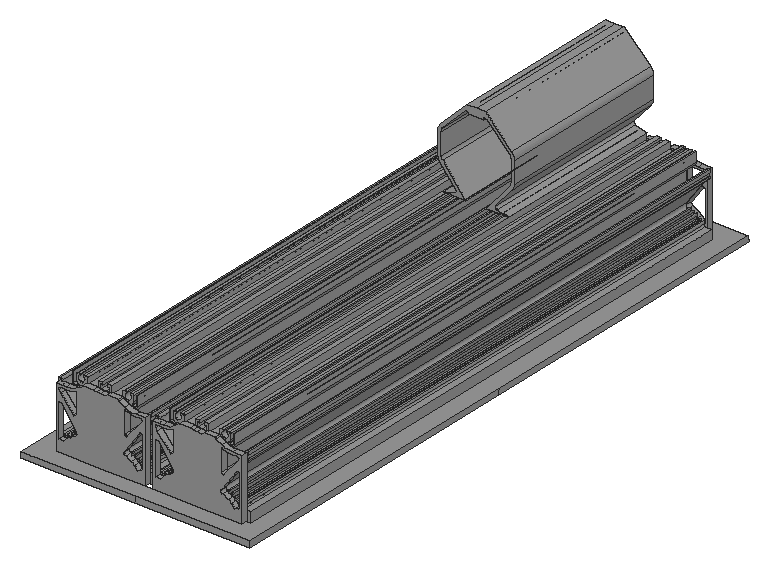
Revit family "L-street 48 Standart", category Осветительные приборы, Revit 2017 (continued)
Forms (mm)
  Extrusion 1, solid, material "Алюминий"
    sketch origin (41.984, 0, 23.204) x (0, 0, -1) y (-1, 0, 0)
      loop
        arc (6.022, -32.745) -> (8.889, -32.434) -> (6.621, -34.216) r 1.5
        line (6.621, -34.216) -> (5.767, -35.07)
        arc (5.767, -35.07) -> (7.023, -35.657) -> (8.404, -35.544) r 2.7
        arc (8.404, -35.544) -> (9.292, -35.666) -> (9.704, -36.461) r 0.973
        line (9.704, -36.461) -> (9.704, -41.984) -> (18.204, -41.984) -> (18.204, -37.084) -> (18.545, -33.187) -> (17.549, -33.099) -> (17.2, -37.084) -> (13.7, -37.084) -> (13.7, -36.084) -> (11.7, -36.084) -> (11.7, -33.084) -> (13.7, -33.084) -> (13.7, -31.479)
        arc (13.7, -31.479) -> (6.173, -25.647) -> (2.661, -16.796) r 18.05
        line (2.661, -16.796) -> (2.661, -14.8) -> (1.7, -14.8) -> (1.7, -16.8) -> (0, -16.8) -> (0, 16.8) -> (1.7, 16.8) -> (1.7, 14.8) -> (2.661, 14.8) -> (2.661, 16.796)
        arc (2.661, 16.796) -> (6.173, 25.647) -> (13.7, 31.479) r 18.05
        line (13.7, 31.479) -> (13.7, 33.084) -> (11.7, 33.084) -> (11.7, 36.084) -> (13.7, 36.084) -> (13.7, 37.084) -> (17.2, 37.084) -> (17.549, 33.099) -> (18.545, 33.187) -> (18.204, 37.084) -> (18.204, 41.984) -> (9.704, 41.984) -> (9.704, 36.461)
        arc (9.704, 36.461) -> (9.292, 35.666) -> (8.404, 35.544) r 0.973
        arc (8.404, 35.544) -> (7.023, 35.657) -> (5.767, 35.07) r 2.7
        line (5.767, 35.07) -> (6.621, 34.216)
        arc (6.621, 34.216) -> (8.889, 32.434) -> (6.022, 32.745) r 1.5
        line (6.022, 32.745) -> (4.839, 32.541)
        arc (4.839, 32.541) -> (5.97, 30.775) -> (8.024, 30.351) r 2.7
        arc (8.024, 30.351) -> (7.078, 29.537) -> (6.186, 28.665) r 20
        line (6.186, 28.665) -> (3.275, 29.39)
        arc (3.275, 29.39) -> (2.615, 29.11) -> (2.914, 28.459) r 0.5
        line (2.914, 28.459) -> (5.258, 27.63)
        arc (5.258, 27.63) -> (4.656, 26.874) -> (4.092, 26.09) r 20
        line (4.092, 26.09) -> (1.218, 26.597)
        arc (1.218, 26.597) -> (0.639, 26.346) -> (0.896, 25.771) r 0.443
        line (0.896, 25.771) -> (3.314, 24.86)
        arc (3.314, 24.86) -> (2.855, 24.026) -> (2.436, 23.171) r 20
        line (2.436, 23.171) -> (-0.089, 23.801)
        arc (-0.089, 23.801) -> (-0.684, 23.515) -> (-0.402, 22.919) r 0.468
        line (-0.402, 22.919) -> (1.857, 22.1)
        arc (1.857, 22.1) -> (0.126, 19.584) -> (-2.918, 19.842) r 3.04
        line (-2.918, 19.842) -> (-27.206, 36.849)
        arc (-27.206, 36.849) -> (-27.946, 37.591) -> (-28.386, 38.542) r 3
        line (-28.386, 38.542) -> (-28.386, 39.517)
        arc (-28.386, 39.517) -> (-28.687, 40.242) -> (-29.412, 40.542) r 1.025
        line (-29.412, 40.542) -> (-30.84, 40.542) -> (-30.84, 39.308) -> (-33.886, 39.308) -> (-33.886, 40.542) -> (-36.386, 40.542) -> (-36.386, 39.273)
        arc (-36.386, 39.273) -> (-35.928, 38.18) -> (-34.826, 37.742) r 1.531
        arc (-34.826, 37.742) -> (-31.33, 37.307) -> (-28.098, 35.904) r 12.359
        line (-28.098, 35.904) -> (-14.58, 24.404)
        arc (-14.58, 24.404) -> (-13.854, 21.637) -> (-16.2, 20) r 2.5
        line (-16.2, 20) -> (-32.5, 20)
        arc (-32.5, 20) -> (-35.361, 20.286) -> (-36.722, 22.819) r 3.06
        line (-36.722, 22.819) -> (-35.412, 24.129)
        arc (-35.412, 24.129) -> (-34.917, 26.793) -> (-37.226, 28.21) r 2.392
        line (-37.226, 28.21) -> (-45.997, 28.21) -> (-45.997, 27.21) -> (-37.197, 27.21)
        arc (-37.197, 27.21) -> (-35.836, 26.397) -> (-36.119, 24.837) r 1.392
        line (-36.119, 24.837) -> (-37.429, 23.526)
        arc (-37.429, 23.526) -> (-38.007, 23.392) -> (-38.453, 23.784) r 0.649
        arc (-38.453, 23.784) -> (-39.064, 24.548) -> (-40, 24.837) r 1.662
        line (-40, 24.837) -> (-44.68, 24.837)
        arc (-44.68, 24.837) -> (-45.611, 24.451) -> (-45.997, 23.52) r 1.316
        line (-45.997, 23.52) -> (-45.997, 21.637) -> (-44.911, 21.637)
        arc (-44.911, 21.637) -> (-39.695, 20.307) -> (-44.795, 18.584) r 2.807
        line (-44.795, 18.584) -> (-45.997, 18.584) -> (-45.997, 16.629)
        arc (-45.997, 16.629) -> (-45.618, 15.715) -> (-44.704, 15.337) r 1.292
        line (-44.704, 15.337) -> (-40, 15.337) -> (-40, 5.937) -> (-45.997, 5.937) -> (-45.997, 2.437) -> (-43.997, 2.437) -> (-43.997, 3.9) -> (-40, 3.9) -> (-40, 0)
    from -250 to 250
  Extrusion 2, solid, material "Стекло, прозрачное остекление"
    sketch origin (41.984, 0, 23.204) x (1, 0, 0) y (0, 0, 1)
      loop
        line (35.725, -12.627) -> (33.542, -12.627) -> (33.542, -13.958) -> (0, -13.958) -> (-33.542, -13.958) -> (-33.542, -12.627) -> (-35.725, -12.627) -> (-35.725, -16.399) -> (0, -16.399) -> (35.725, -16.399) -> (35.725, -12.627)
    from -250 to 250
  Extrusion 3, solid, material "Алюминий"
    sketch origin (41.984, -250, 23.204) x (0, 0, 1) y (-1, 0, 0)
      loop
        line (-18.204, 38.587) -> (-18.204, 0) -> (-18.204, -38.587) -> (34.716, -38.587) -> (34.716, -30.234)
        arc (34.716, -30.234) -> (35.315, -25.375) -> (37.076, -20.808) r 20
        line (37.076, -20.808) -> (40.095, -15.977)
        arc (40.095, -15.977) -> (40.483, -15.566) -> (41, -15.337) r 1.436
        line (41, -15.337) -> (41, -5.937)
        arc (41, -5.937) -> (40.263, -5.034) -> (40, -3.9) r 2.574
        line (40, -3.9) -> (40, 0) -> (40, 3.9)
        arc (40, 3.9) -> (40.263, 5.034) -> (41, 5.937) r 2.574
        line (41, 5.937) -> (41, 15.337)
        arc (41, 15.337) -> (40.483, 15.566) -> (40.095, 15.977) r 1.436
        line (40.095, 15.977) -> (37.076, 20.808)
        arc (37.076, 20.808) -> (35.315, 25.375) -> (34.716, 30.234) r 20
        line (34.716, 30.234) -> (34.716, 38.587) -> (-18.204, 38.587)
      loop
        line (33.166, 28.684) -> (33.166, 34.613)
        arc (33.166, 34.613) -> (32.488, 35.941) -> (31.014, 36.168) r 1.637
        arc (31.014, 36.168) -> (29.82, 35.696) -> (28.687, 35.092) r 11.359
        line (28.687, 35.092) -> (15.228, 23.643)
        arc (15.228, 23.643) -> (14.792, 21.982) -> (16.2, 21) r 1.5
        line (16.2, 21) -> (34.702, 21)
        arc (34.702, 21) -> (33.554, 24.766) -> (33.166, 28.684) r 20
      loop
        arc (20.952, 33.691) -> (21.557, 35.474) -> (20.038, 36.587) r 1.592
        line (20.038, 36.587) -> (-7.914, 36.587)
        arc (-7.914, 36.587) -> (-8.104, 34.311) -> (-8.704, 32.106) r 12.546
        arc (-8.704, 32.106) -> (-7.015, 30.814) -> (-5.465, 29.358) r 21
        arc (-5.465, 29.358) -> (-4.309, 28.052) -> (-3.266, 26.655) r 21
        arc (-3.266, 26.655) -> (-1.843, 24.244) -> (-0.754, 21.666) r 21
        arc (-0.754, 21.666) -> (0.545, 20.392) -> (2.344, 20.661) r 2.04
        line (2.344, 20.661) -> (20.952, 33.691)
      loop
        arc (33.166, -28.684) -> (33.554, -24.766) -> (34.702, -21) r 20
        line (34.702, -21) -> (16.2, -21)
        arc (16.2, -21) -> (14.792, -21.982) -> (15.228, -23.643) r 1.5
        line (15.228, -23.643) -> (28.687, -35.092)
        arc (28.687, -35.092) -> (29.82, -35.696) -> (31.014, -36.168) r 11.359
        arc (31.014, -36.168) -> (32.488, -35.941) -> (33.166, -34.613) r 1.637
        line (33.166, -34.613) -> (33.166, -28.684)
      loop
        line (20.952, -33.691) -> (2.344, -20.661)
        arc (2.344, -20.661) -> (0.545, -20.392) -> (-0.754, -21.666) r 2.04
        arc (-0.754, -21.666) -> (-1.843, -24.244) -> (-3.266, -26.655) r 21
        arc (-3.266, -26.655) -> (-4.309, -28.052) -> (-5.465, -29.358) r 21
        arc (-5.465, -29.358) -> (-7.015, -30.814) -> (-8.704, -32.106) r 21
        arc (-8.704, -32.106) -> (-8.104, -34.311) -> (-7.914, -36.587) r 12.546
        line (-7.914, -36.587) -> (20.038, -36.587)
        arc (20.038, -36.587) -> (21.557, -35.474) -> (20.952, -33.691) r 1.592
    from 0 to 5
  Extrusion 4, void, not visible
    sketch origin (35, -700, -9) x (-1, 0, 0) y (0, -1, 0)
      loop
        line (-10.502, -455) -> (-11.632, -455) -> (-11.632, -465) -> (2.047, -465) -> (2.047, -455) -> (-10.502, -455)
    from 0 to 1.5
  Extrusion 5, solid, material "Алюминий"
    sketch origin (-41.984, 0, 23.204) x (0, 0, -1) y (-1, 0, 0)
      loop
        line (-40, 0) -> (-40, -3.9) -> (-43.997, -3.9) -> (-43.997, -2.437) -> (-45.997, -2.437) -> (-45.997, -5.937) -> (-40, -5.937) -> (-40, -15.337) -> (-44.704, -15.337)
        arc (-44.704, -15.337) -> (-45.618, -15.715) -> (-45.997, -16.629) r 1.292
        line (-45.997, -16.629) -> (-45.997, -18.584) -> (-44.795, -18.584)
        arc (-44.795, -18.584) -> (-39.695, -20.307) -> (-44.911, -21.637) r 2.807
        line (-44.911, -21.637) -> (-45.997, -21.637) -> (-45.997, -23.52)
        arc (-45.997, -23.52) -> (-45.611, -24.451) -> (-44.68, -24.837) r 1.316
        line (-44.68, -24.837) -> (-40, -24.837)
        arc (-40, -24.837) -> (-39.064, -24.548) -> (-38.453, -23.784) r 1.662
        arc (-38.453, -23.784) -> (-38.007, -23.392) -> (-37.429, -23.526) r 0.649
        line (-37.429, -23.526) -> (-36.119, -24.837)
        arc (-36.119, -24.837) -> (-35.836, -26.397) -> (-37.197, -27.21) r 1.392
        line (-37.197, -27.21) -> (-45.997, -27.21) -> (-45.997, -28.21) -> (-37.226, -28.21)
        arc (-37.226, -28.21) -> (-34.917, -26.793) -> (-35.412, -24.129) r 2.392
        line (-35.412, -24.129) -> (-36.722, -22.819)
        arc (-36.722, -22.819) -> (-35.361, -20.286) -> (-32.5, -20) r 3.06
        line (-32.5, -20) -> (-16.2, -20)
        arc (-16.2, -20) -> (-13.854, -21.637) -> (-14.58, -24.404) r 2.5
        line (-14.58, -24.404) -> (-28.098, -35.904)
        arc (-28.098, -35.904) -> (-31.33, -37.307) -> (-34.826, -37.742) r 12.359
        arc (-34.826, -37.742) -> (-35.928, -38.18) -> (-36.386, -39.273) r 1.531
        line (-36.386, -39.273) -> (-36.386, -40.542) -> (-33.886, -40.542) -> (-33.886, -39.308) -> (-30.84, -39.308) -> (-30.84, -40.542) -> (-29.412, -40.542)
        arc (-29.412, -40.542) -> (-28.687, -40.242) -> (-28.386, -39.517) r 1.025
        line (-28.386, -39.517) -> (-28.386, -38.542)
        arc (-28.386, -38.542) -> (-27.946, -37.591) -> (-27.206, -36.849) r 3
        line (-27.206, -36.849) -> (-2.918, -19.842)
        arc (-2.918, -19.842) -> (0.126, -19.584) -> (1.857, -22.1) r 3.04
        line (1.857, -22.1) -> (-0.402, -22.919)
        arc (-0.402, -22.919) -> (-0.684, -23.515) -> (-0.089, -23.801) r 0.468
        line (-0.089, -23.801) -> (2.436, -23.171)
        arc (2.436, -23.171) -> (2.855, -24.026) -> (3.314, -24.86) r 20
        line (3.314, -24.86) -> (0.896, -25.771)
        arc (0.896, -25.771) -> (0.639, -26.346) -> (1.218, -26.597) r 0.443
        line (1.218, -26.597) -> (4.092, -26.09)
        arc (4.092, -26.09) -> (4.656, -26.874) -> (5.258, -27.63) r 20
        line (5.258, -27.63) -> (2.914, -28.459)
        arc (2.914, -28.459) -> (2.615, -29.11) -> (3.275, -29.39) r 0.5
        line (3.275, -29.39) -> (6.186, -28.665)
        arc (6.186, -28.665) -> (7.078, -29.537) -> (8.024, -30.351) r 20
        arc (8.024, -30.351) -> (5.97, -30.775) -> (4.839, -32.541) r 2.7
        line (4.839, -32.541) -> (6.022, -32.745)
        arc (6.022, -32.745) -> (8.889, -32.434) -> (6.621, -34.216) r 1.5
        line (6.621, -34.216) -> (5.767, -35.07)
        arc (5.767, -35.07) -> (7.023, -35.657) -> (8.404, -35.544) r 2.7
        arc (8.404, -35.544) -> (9.292, -35.666) -> (9.704, -36.461) r 0.973
        line (9.704, -36.461) -> (9.704, -41.984) -> (18.204, -41.984) -> (18.204, -37.084) -> (18.545, -33.187) -> (17.549, -33.099) -> (17.2, -37.084) -> (13.7, -37.084) -> (13.7, -36.084) -> (11.7, -36.084) -> (11.7, -33.084) -> (13.7, -33.084) -> (13.7, -31.479)
        arc (13.7, -31.479) -> (6.173, -25.647) -> (2.661, -16.796) r 18.05
        line (2.661, -16.796) -> (2.661, -14.8) -> (1.7, -14.8) -> (1.7, -16.8) -> (0, -16.8) -> (0, 16.8) -> (1.7, 16.8) -> (1.7, 14.8) -> (2.661, 14.8) -> (2.661, 16.796)
        arc (2.661, 16.796) -> (6.173, 25.647) -> (13.7, 31.479) r 18.05
        line (13.7, 31.479) -> (13.7, 33.084) -> (11.7, 33.084) -> (11.7, 36.084) -> (13.7, 36.084) -> (13.7, 37.084) -> (17.2, 37.084) -> (17.549, 33.099) -> (18.545, 33.187) -> (18.204, 37.084) -> (18.204, 41.984) -> (9.704, 41.984) -> (9.704, 36.461)
        arc (9.704, 36.461) -> (9.292, 35.666) -> (8.404, 35.544) r 0.973
        arc (8.404, 35.544) -> (7.023, 35.657) -> (5.767, 35.07) r 2.7
        line (5.767, 35.07) -> (6.621, 34.216)
        arc (6.621, 34.216) -> (8.889, 32.434) -> (6.022, 32.745) r 1.5
        line (6.022, 32.745) -> (4.839, 32.541)
        arc (4.839, 32.541) -> (5.97, 30.775) -> (8.024, 30.351) r 2.7
        arc (8.024, 30.351) -> (7.078, 29.537) -> (6.186, 28.665) r 20
        line (6.186, 28.665) -> (3.275, 29.39)
        arc (3.275, 29.39) -> (2.615, 29.11) -> (2.914, 28.459) r 0.5
        line (2.914, 28.459) -> (5.258, 27.63)
        arc (5.258, 27.63) -> (4.656, 26.874) -> (4.092, 26.09) r 20
        line (4.092, 26.09) -> (1.218, 26.597)
        arc (1.218, 26.597) -> (0.639, 26.346) -> (0.896, 25.771) r 0.443
        line (0.896, 25.771) -> (3.314, 24.86)
        arc (3.314, 24.86) -> (2.855, 24.026) -> (2.436, 23.171) r 20
        line (2.436, 23.171) -> (-0.089, 23.801)
        arc (-0.089, 23.801) -> (-0.684, 23.515) -> (-0.402, 22.919) r 0.468
        line (-0.402, 22.919) -> (1.857, 22.1)
        arc (1.857, 22.1) -> (0.126, 19.584) -> (-2.918, 19.842) r 3.04
        line (-2.918, 19.842) -> (-27.206, 36.849)
        arc (-27.206, 36.849) -> (-27.946, 37.591) -> (-28.386, 38.542) r 3
        line (-28.386, 38.542) -> (-28.386, 39.517)
        arc (-28.386, 39.517) -> (-28.687, 40.242) -> (-29.412, 40.542) r 1.025
        line (-29.412, 40.542) -> (-30.84, 40.542) -> (-30.84, 39.308) -> (-33.886, 39.308) -> (-33.886, 40.542) -> (-36.386, 40.542) -> (-36.386, 39.273)
        arc (-36.386, 39.273) -> (-35.928, 38.18) -> (-34.826, 37.742) r 1.531
        arc (-34.826, 37.742) -> (-31.33, 37.307) -> (-28.098, 35.904) r 12.359
        line (-28.098, 35.904) -> (-14.58, 24.404)
        arc (-14.58, 24.404) -> (-13.854, 21.637) -> (-16.2, 20) r 2.5
        line (-16.2, 20) -> (-32.5, 20)
        arc (-32.5, 20) -> (-35.361, 20.286) -> (-36.722, 22.819) r 3.06
        line (-36.722, 22.819) -> (-35.412, 24.129)
        arc (-35.412, 24.129) -> (-34.917, 26.793) -> (-37.226, 28.21) r 2.392
        line (-37.226, 28.21) -> (-45.997, 28.21) -> (-45.997, 27.21) -> (-37.197, 27.21)
        arc (-37.197, 27.21) -> (-35.836, 26.397) -> (-36.119, 24.837) r 1.392
        line (-36.119, 24.837) -> (-37.429, 23.526)
        arc (-37.429, 23.526) -> (-38.007, 23.392) -> (-38.453, 23.784) r 0.649
        arc (-38.453, 23.784) -> (-39.064, 24.548) -> (-40, 24.837) r 1.662
        line (-40, 24.837) -> (-44.68, 24.837)
        arc (-44.68, 24.837) -> (-45.611, 24.451) -> (-45.997, 23.52) r 1.316
        line (-45.997, 23.52) -> (-45.997, 21.637) -> (-44.911, 21.637)
        arc (-44.911, 21.637) -> (-39.695, 20.307) -> (-44.795, 18.584) r 2.807
        line (-44.795, 18.584) -> (-45.997, 18.584) -> (-45.997, 16.629)
        arc (-45.997, 16.629) -> (-45.618, 15.715) -> (-44.704, 15.337) r 1.292
        line (-44.704, 15.337) -> (-40, 15.337) -> (-40, 5.937) -> (-45.997, 5.937) -> (-45.997, 2.437) -> (-43.997, 2.437) -> (-43.997, 3.9) -> (-40, 3.9) -> (-40, 0)
    from -250 to 250
  Extrusion 6, solid, material "Стекло, прозрачное остекление"
    sketch origin (-41.984, 0, 23.204) x (1, 0, 0) y (0, 0, 1)
      loop
        line (35.725, -12.627) -> (33.542, -12.627) -> (33.542, -13.958) -> (0, -13.958) -> (-33.542, -13.958) -> (-33.542, -12.627) -> (-35.725, -12.627) -> (-35.725, -16.399) -> (0, -16.399) -> (35.725, -16.399) -> (35.725, -12.627)
    from -250 to 250
  Extrusion 7, solid, material "Алюминий"
    sketch origin (-41.984, -250, 23.204) x (0, 0, 1) y (-1, 0, 0)
      loop
        line (-18.204, 38.587) -> (-18.204, 0) -> (-18.204, -38.587) -> (34.716, -38.587) -> (34.716, -30.234)
        arc (34.716, -30.234) -> (35.315, -25.375) -> (37.076, -20.808) r 20
        line (37.076, -20.808) -> (40.095, -15.977)
        arc (40.095, -15.977) -> (40.483, -15.566) -> (41, -15.337) r 1.436
        line (41, -15.337) -> (41, -5.937)
        arc (41, -5.937) -> (40.263, -5.034) -> (40, -3.9) r 2.574
        line (40, -3.9) -> (40, 0) -> (40, 3.9)
        arc (40, 3.9) -> (40.263, 5.034) -> (41, 5.937) r 2.574
        line (41, 5.937) -> (41, 15.337)
        arc (41, 15.337) -> (40.483, 15.566) -> (40.095, 15.977) r 1.436
        line (40.095, 15.977) -> (37.076, 20.808)
        arc (37.076, 20.808) -> (35.315, 25.375) -> (34.716, 30.234) r 20
        line (34.716, 30.234) -> (34.716, 38.587) -> (-18.204, 38.587)
      loop
        line (33.166, 28.684) -> (33.166, 34.613)
        arc (33.166, 34.613) -> (32.488, 35.941) -> (31.014, 36.168) r 1.637
        arc (31.014, 36.168) -> (29.82, 35.696) -> (28.687, 35.092) r 11.359
        line (28.687, 35.092) -> (15.228, 23.643)
        arc (15.228, 23.643) -> (14.792, 21.982) -> (16.2, 21) r 1.5
        line (16.2, 21) -> (34.702, 21)
        arc (34.702, 21) -> (33.554, 24.766) -> (33.166, 28.684) r 20
      loop
        arc (20.952, 33.691) -> (21.557, 35.474) -> (20.038, 36.587) r 1.592
        line (20.038, 36.587) -> (-7.914, 36.587)
        arc (-7.914, 36.587) -> (-8.104, 34.311) -> (-8.704, 32.106) r 12.546
        arc (-8.704, 32.106) -> (-7.015, 30.814) -> (-5.465, 29.358) r 21
        arc (-5.465, 29.358) -> (-4.309, 28.052) -> (-3.266, 26.655) r 21
        arc (-3.266, 26.655) -> (-1.843, 24.244) -> (-0.754, 21.666) r 21
        arc (-0.754, 21.666) -> (0.545, 20.392) -> (2.344, 20.661) r 2.04
        line (2.344, 20.661) -> (20.952, 33.691)
      loop
        arc (33.166, -28.684) -> (33.554, -24.766) -> (34.702, -21) r 20
        line (34.702, -21) -> (16.2, -21)
        arc (16.2, -21) -> (14.792, -21.982) -> (15.228, -23.643) r 1.5
        line (15.228, -23.643) -> (28.687, -35.092)
        arc (28.687, -35.092) -> (29.82, -35.696) -> (31.014, -36.168) r 11.359
        arc (31.014, -36.168) -> (32.488, -35.941) -> (33.166, -34.613) r 1.637
        line (33.166, -34.613) -> (33.166, -28.684)
      loop
        line (20.952, -33.691) -> (2.344, -20.661)
        arc (2.344, -20.661) -> (0.545, -20.392) -> (-0.754, -21.666) r 2.04
        arc (-0.754, -21.666) -> (-1.843, -24.244) -> (-3.266, -26.655) r 21
        arc (-3.266, -26.655) -> (-4.309, -28.052) -> (-5.465, -29.358) r 21
        arc (-5.465, -29.358) -> (-7.015, -30.814) -> (-8.704, -32.106) r 21
        arc (-8.704, -32.106) -> (-8.104, -34.311) -> (-7.914, -36.587) r 12.546
        line (-7.914, -36.587) -> (20.038, -36.587)
        arc (20.038, -36.587) -> (21.557, -35.474) -> (20.952, -33.691) r 1.592
    from 0 to 5
  Extrusion 8, solid, material "Алюминий"
    sketch origin (83.968, -250, 5) x (0, 1, 0) y (1, 0, 0)
      loop
        line (250, 0) -> (0, 0) -> (0, -3.397) -> (-5, -3.397) -> (-5, -83.968) -> (-5, -164.54) -> (0, -164.54) -> (0, -167.937) -> (250, -167.937) -> (500, -167.937) -> (500, -164.54) -> (505, -164.54) -> (505, -83.968) -> (505, -3.397) -> (500, -3.397) -> (500, 0) -> (250, 0)
      loop
        line (-20.5, 15.5) -> (-20.5, -83.968) -> (-20.5, -183.437) -> (250, -183.437) -> (520.5, -183.437) -> (520.5, -83.968) -> (520.5, 15.5) -> (250, 15.5) -> (-20.5, 15.5)
    from 0 to 5
  Extrusion 9, solid, material "Алюминий"
    sketch origin (41.984, 250, 23.204) x (0, 0, 1) y (1, 0, 0)
      loop
        line (-18.204, -38.587) -> (34.716, -38.587) -> (34.716, -30.234)
        arc (34.716, -30.234) -> (35.315, -25.375) -> (37.076, -20.808) r 20
        line (37.076, -20.808) -> (40.095, -15.977)
        arc (40.095, -15.977) -> (40.483, -15.566) -> (41, -15.337) r 1.436
        line (41, -15.337) -> (41, -5.937)
        arc (41, -5.937) -> (40.263, -5.034) -> (40, -3.9) r 2.574
        line (40, -3.9) -> (40, 0) -> (40, 3.9)
        arc (40, 3.9) -> (40.263, 5.034) -> (41, 5.937) r 2.574
        line (41, 5.937) -> (41, 15.337)
        arc (41, 15.337) -> (40.483, 15.566) -> (40.095, 15.977) r 1.436
        line (40.095, 15.977) -> (37.076, 20.808)
        arc (37.076, 20.808) -> (35.315, 25.375) -> (34.716, 30.234) r 20
        line (34.716, 30.234) -> (34.716, 38.587) -> (-18.204, 38.587) -> (-18.204, 0) -> (-18.204, -38.587)
      loop
        arc (33.166, -28.684) -> (33.554, -24.766) -> (34.702, -21) r 20
        line (34.702, -21) -> (16.2, -21)
        arc (16.2, -21) -> (14.792, -21.982) -> (15.228, -23.643) r 1.5
        line (15.228, -23.643) -> (28.687, -35.092)
        arc (28.687, -35.092) -> (29.82, -35.696) -> (31.014, -36.168) r 11.359
        arc (31.014, -36.168) -> (32.488, -35.941) -> (33.166, -34.613) r 1.637
        line (33.166, -34.613) -> (33.166, -28.684)
      loop
        line (20.952, -33.691) -> (2.344, -20.661)
        arc (2.344, -20.661) -> (0.545, -20.392) -> (-0.754, -21.666) r 2.04
        arc (-0.754, -21.666) -> (-1.843, -24.244) -> (-3.266, -26.655) r 21
        arc (-3.266, -26.655) -> (-4.309, -28.052) -> (-5.465, -29.358) r 21
        arc (-5.465, -29.358) -> (-7.015, -30.814) -> (-8.704, -32.106) r 21
        arc (-8.704, -32.106) -> (-8.104, -34.311) -> (-7.914, -36.587) r 12.546
        line (-7.914, -36.587) -> (20.038, -36.587)
        arc (20.038, -36.587) -> (21.557, -35.474) -> (20.952, -33.691) r 1.592
      loop
        line (33.166, 28.684) -> (33.166, 34.613)
        arc (33.166, 34.613) -> (32.488, 35.941) -> (31.014, 36.168) r 1.637
        arc (31.014, 36.168) -> (29.82, 35.696) -> (28.687, 35.092) r 11.359
        line (28.687, 35.092) -> (15.228, 23.643)
        arc (15.228, 23.643) -> (14.792, 21.982) -> (16.2, 21) r 1.5
        line (16.2, 21) -> (34.702, 21)
        arc (34.702, 21) -> (33.554, 24.766) -> (33.166, 28.684) r 20
      loop
        arc (20.952, 33.691) -> (21.557, 35.474) -> (20.038, 36.587) r 1.592
        line (20.038, 36.587) -> (-7.914, 36.587)
        arc (-7.914, 36.587) -> (-8.104, 34.311) -> (-8.704, 32.106) r 12.546
        arc (-8.704, 32.106) -> (-7.015, 30.814) -> (-5.465, 29.358) r 21
        arc (-5.465, 29.358) -> (-4.309, 28.052) -> (-3.266, 26.655) r 21
        arc (-3.266, 26.655) -> (-1.843, 24.244) -> (-0.754, 21.666) r 21
        arc (-0.754, 21.666) -> (0.545, 20.392) -> (2.344, 20.661) r 2.04
        line (2.344, 20.661) -> (20.952, 33.691)
    from 0 to 5
  Extrusion 10, solid, material "Алюминий"
    sketch origin (-41.984, 250, 23.204) x (0, 0, 1) y (1, 0, 0)
      loop
        line (-18.204, -38.587) -> (34.716, -38.587) -> (34.716, -30.234)
        arc (34.716, -30.234) -> (35.315, -25.375) -> (37.076, -20.808) r 20
        line (37.076, -20.808) -> (40.095, -15.977)
        arc (40.095, -15.977) -> (40.483, -15.566) -> (41, -15.337) r 1.436
        line (41, -15.337) -> (41, -5.937)
        arc (41, -5.937) -> (40.263, -5.034) -> (40, -3.9) r 2.574
        line (40, -3.9) -> (40, 0) -> (40, 3.9)
        arc (40, 3.9) -> (40.263, 5.034) -> (41, 5.937) r 2.574
        line (41, 5.937) -> (41, 15.337)
        arc (41, 15.337) -> (40.483, 15.566) -> (40.095, 15.977) r 1.436
        line (40.095, 15.977) -> (37.076, 20.808)
        arc (37.076, 20.808) -> (35.315, 25.375) -> (34.716, 30.234) r 20
        line (34.716, 30.234) -> (34.716, 38.587) -> (-18.204, 38.587) -> (-18.204, 0) -> (-18.204, -38.587)
      loop
        arc (33.166, -28.684) -> (33.554, -24.766) -> (34.702, -21) r 20
        line (34.702, -21) -> (16.2, -21)
        arc (16.2, -21) -> (14.792, -21.982) -> (15.228, -23.643) r 1.5
        line (15.228, -23.643) -> (28.687, -35.092)
        arc (28.687, -35.092) -> (29.82, -35.696) -> (31.014, -36.168) r 11.359
        arc (31.014, -36.168) -> (32.488, -35.941) -> (33.166, -34.613) r 1.637
        line (33.166, -34.613) -> (33.166, -28.684)
      loop
        line (20.952, -33.691) -> (2.344, -20.661)
        arc (2.344, -20.661) -> (0.545, -20.392) -> (-0.754, -21.666) r 2.04
        arc (-0.754, -21.666) -> (-1.843, -24.244) -> (-3.266, -26.655) r 21
        arc (-3.266, -26.655) -> (-4.309, -28.052) -> (-5.465, -29.358) r 21
        arc (-5.465, -29.358) -> (-7.015, -30.814) -> (-8.704, -32.106) r 21
        arc (-8.704, -32.106) -> (-8.104, -34.311) -> (-7.914, -36.587) r 12.546
        line (-7.914, -36.587) -> (20.038, -36.587)
        arc (20.038, -36.587) -> (21.557, -35.474) -> (20.952, -33.691) r 1.592
      loop
        line (33.166, 28.684) -> (33.166, 34.613)
        arc (33.166, 34.613) -> (32.488, 35.941) -> (31.014, 36.168) r 1.637
        arc (31.014, 36.168) -> (29.82, 35.696) -> (28.687, 35.092) r 11.359
        line (28.687, 35.092) -> (15.228, 23.643)
        arc (15.228, 23.643) -> (14.792, 21.982) -> (16.2, 21) r 1.5
        line (16.2, 21) -> (34.702, 21)
        arc (34.702, 21) -> (33.554, 24.766) -> (33.166, 28.684) r 20
      loop
        arc (20.952, 33.691) -> (21.557, 35.474) -> (20.038, 36.587) r 1.592
        line (20.038, 36.587) -> (-7.914, 36.587)
        arc (-7.914, 36.587) -> (-8.104, 34.311) -> (-8.704, 32.106) r 12.546
        arc (-8.704, 32.106) -> (-7.015, 30.814) -> (-5.465, 29.358) r 21
        arc (-5.465, 29.358) -> (-4.309, 28.052) -> (-3.266, 26.655) r 21
        arc (-3.266, 26.655) -> (-1.843, 24.244) -> (-0.754, 21.666) r 21
        arc (-0.754, 21.666) -> (0.545, 20.392) -> (2.344, 20.661) r 2.04
        line (2.344, 20.661) -> (20.952, 33.691)
    from 0 to 5
  Extrusion 11, solid, material "Алюминий"
    sketch origin (-0.143, 250, 23.13) x (0, 0, -1) y (-1, 0, 0)
      loop
        line (-120.797, 0) -> (-120.797, -8) -> (-97.746, -31.051)
        arc (-97.746, -31.051) -> (-95.144, -32.789) -> (-92.074, -33.4) r 8.022
        line (-92.074, -33.4) -> (-73.402, -33.4)
        arc (-73.402, -33.4) -> (-70.671, -32.92) -> (-68.268, -31.536) r 8.001
        line (-68.268, -31.536) -> (-50.982, -17.077)
        arc (-50.982, -17.077) -> (-49.523, -16.797) -> (-48.514, -17.888) r 1.53
        line (-48.514, -17.888) -> (-45.997, -28.21) -> (-45.997, -8.996) -> (-70.193, -29.235)
        arc (-70.193, -29.235) -> (-71.695, -30.1) -> (-73.401, -30.4) r 5
        line (-73.401, -30.4) -> (-92.083, -30.4)
        arc (-92.083, -30.4) -> (-93.996, -30.019) -> (-95.618, -28.936) r 5
        line (-95.618, -28.936) -> (-115.815, -8.739)
        arc (-115.815, -8.739) -> (-116.066, -7.474) -> (-114.994, -6.757) r 1.161
        line (-114.994, -6.757) -> (-114.156, -6.757) -> (-114.156, 0) -> (-114.156, 6.757) -> (-114.994, 6.757)
        arc (-114.994, 6.757) -> (-116.066, 7.474) -> (-115.815, 8.739) r 1.161
        line (-115.815, 8.739) -> (-95.618, 28.936)
        arc (-95.618, 28.936) -> (-93.996, 30.019) -> (-92.083, 30.4) r 5
        line (-92.083, 30.4) -> (-73.401, 30.4)
        arc (-73.401, 30.4) -> (-71.695, 30.1) -> (-70.193, 29.235) r 5
        line (-70.193, 29.235) -> (-45.997, 8.996) -> (-45.997, 28.21) -> (-48.514, 17.888)
        arc (-48.514, 17.888) -> (-49.523, 16.797) -> (-50.982, 17.077) r 1.53
        line (-50.982, 17.077) -> (-68.268, 31.536)
        arc (-68.268, 31.536) -> (-70.671, 32.92) -> (-73.402, 33.4) r 8.001
        line (-73.402, 33.4) -> (-92.074, 33.4)
        arc (-92.074, 33.4) -> (-95.144, 32.789) -> (-97.746, 31.051) r 8.022
        line (-97.746, 31.051) -> (-120.797, 8) -> (-120.797, 0)
    from 0 to -150
Dimensions and locks
  aligned and locked: level to plane 2
Connectors
  electrical at (-0.143, 250, 107.689), driven by "Apparent Load"
    settings: on Extrusion 11, index 1, voltage 230 V, apparent load 0 VA, apparent load phase1 65 VA, apparent load phase2 0 VA, apparent load phase3 0 VA, power factor 1, load classification "Прочее", number of poles 1, system type 31, power factor state 1, is connector primary yes, connector utility no, sub classification motor no, connector description ""
